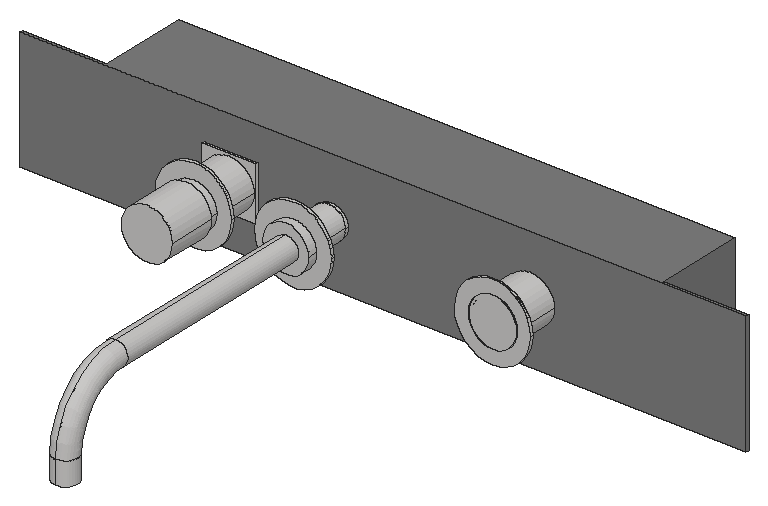
Revit family "CBR_4921", category Plumbing Fixtures, Revit 2021
Family settings
  Round Connector Dimension = Use Diameter
  Part Type = Normal
  Work Plane-Based = No
  Always vertical = Yes
  Cut with Voids When Loaded = No
  Shared = No
  Room Calculation Point = No
Parameters
  e-mail = "info@vola.com"
  URL = "http://vola.com"
  Telephone = "+45 7023 5500"
  Quality management standard = "ISO 9001"
  Organisation no. / DUNS no. = "17531328"
  Occupational health and safety management standard = "ISO 18001"
  Mounting Instructions = ""
  Model = "4921"
  Mixer Offset [instance] = 35.00 mm
  Mixer = yes
  Materials and components information = ""
  Manufacturer = "VOLA A/S"
  Maintenance Instructions = ""
  Guarantee = "2 years"
  Flow = "5,00 l/min"
  Environmental management standard = "ISO 14000"
  Default Elevation = 0.00 mm
  Connection - All relevant connections = "To valve box 3/8\" and to mixer ½\""
  Approvals = ""
Reference planes
  plane 1 "Center (Front/Back)": y = 0
  plane 2: z = 0
  plane 3 "Center (Left/Right)": x = 0
  plane 4 "Mixer plane": y = 35
  plane 5 "Wall Surface": y = 0
Forms (mm)
  Extrusion 1, solid, material "Stainless Steel"
    sketch origin (-13.2, 32.5, 0) x (0, 0, -1) y (1, 0, 0)
      loop
        circle (0, 13.2) r 13.2
    from 0 to 32.5
  Extrusion 2, solid, material "Stainless Steel"
    sketch origin (-100.868, 32.5, 21) x (-1, 0, 0) y (0, 0, -1)
      loop
        circle (-22.868, 21) r 19.5
    from 0 to 32.5
Dimensions and locks
  "Mixer Offset": plane 4 "Mixer plane" to plane 1 "Center (Front/Back)"
  aligned and locked: plane 2 to level
  aligned and locked: level to nested 1
  aligned and locked: nested 1 to plane 4 "Mixer plane"
  aligned and locked: nested 3 to plane 5 "Wall Surface"
  aligned and locked: plane 1 "Center (Front/Back)" to Extrusion 1
  aligned and locked: plane 1 "Center (Front/Back)" to Extrusion 2
Automatic sketch dimensions
  Extrusion 2 sketch curve to nested 1 = 21.00 mm  (x2)
  radius of Extrusion 1 sketch curve to nested 1 = 0.00 mm
  radius of Extrusion 2 sketch curve = 19.50 mm
Nested families
  nested 1: "4900" at (-39, 107, -65), visible <- "Mixer", type "4900"
  nested 2: "001" at (0, 0, 0) x (1, 0, 0) z (0, -1, 0), type "001"
  nested 3: "VR510" at (156, 0, 0), type "Standard"
  nested 4: "020" at (0, -2, 0), type "Standard"
  nested 5: "NR41" at (-78, -2, 0), type "NR41"
  nested 6: "3001" at (-78, 0, 0) x (1, 0, 0) z (0, -1, 0), type "3001"
  nested 7: "VR512" at (156, 0, 0), type "Standard"
Connectors
  piping at (-105, 78, -65), diameter 19
    settings: on nested 1, index 1, connector inside diameter 0.74803", connector length 0.00 mm, flow factor 0, pipe flow 0 GPM, pressure drop 0.00 psi, fitting loss kfactor 0, connector angle 0.00°, fixture units 0, engagement length 0.00 mm, angle of deflection 0.00°, flow configuration 0, flow direction 1, fitting loss method 0, system type 19, joint type 0, gender type 0, connector reference index -1, connector utility 0, adjustable connector no, is connector primary yes, connector description ""
  piping at (-51, 78, -65), diameter 19
    settings: on nested 1, index 2, connector inside diameter 0.74803", connector length 0.00 mm, flow factor 0, pipe flow 0 GPM, pressure drop 0.00 psi, fitting loss kfactor 0, connector angle 0.00°, fixture units 0, engagement length 0.00 mm, angle of deflection 0.00°, flow configuration 0, flow direction 1, fitting loss method 0, system type 20, joint type 0, gender type 0, connector reference index -1, connector utility 0, adjustable connector no, is connector primary no, connector description ""
Definition of nested family "4900"
  Parameters
    e-mail = "info@vola.com"
    URL = "http://vola.com"
    Telephone = "+45 7023 5500"
    Quality management standard = "ISO 9001"
    Organisation no. / DUNS no. = "17531328"
    Occupational health and safety management standard = "ISO 18001"
    Mounting Instructions = ""
    Model = "5100"
    Materials and components information = ""
    Manufacturer = "VOLA A/S"
    Maintenance Instructions = ""
    Guarantee = "2 years"
    Flow = "43,00 l/min"
    Environmental management standard = "ISO 14000"
    Default Elevation = 0.00 mm
    Connection - All relevant connections = ""
    Approvals = "http://vola.com/service/producturl.ashx?name=5100"
  Reference planes
    plane 1 "Center (Front/Back)": y = 0
    plane 2: z = 0
    plane 3 "Center (Left/Right)": x = 0
    plane 4 "Inlet Center Plane": y = -29
    plane 5: z = 65
  Forms (mm)
    Extrusion 1, solid
      sketch origin (10, 0, -4) x (1, 0, 0) y (0, 1, 0)
        loop
          line (-148, 0) -> (-148, -70) -> (288, -70) -> (288, 0) -> (-148, 0)
      from 21.5 to 116.5
    Extrusion 2, solid
      sketch origin (10, -2, -4) x (1, 0, 0) y (0, 1, 0)
        loop
          line (-214.5, -68) -> (-214.5, -70) -> (354.5, -70) -> (354.5, -68) -> (-214.5, -68)
      from 21.5 to 116.5
    Extrusion 3, solid
      sketch origin (-54, -4, 17.5) x (0, 1, 0) y (1, 0, 0)
        loop
          circle (-25, -12) r 9.5
      from 0 to 17.5
    Extrusion 4, solid
      sketch origin (0, -4, 17.5) x (0, 1, 0) y (1, 0, 0)
        loop
          circle (-25, -12) r 9.5
      from 0 to 17.5
    Extrusion 5, solid
      sketch origin (-51.5, -72, -4) x (-1, 0, 0) y (0, 0, -1)
        loop
          line (8.5, -90) -> (8.5, -48) -> (-33.5, -48) -> (-33.5, -90) -> (8.5, -90)
      from 0 to 2.5
    Extrusion 6, solid
      sketch origin (26.5, -72, -4) x (-1, 0, 0) y (0, 0, -1)
        loop
          circle (-12.5, -69) r 13.2
      from 0 to 2.5
    Extrusion 7, solid
      sketch origin (143.5, -72, -4) x (-1, 0, 0) y (0, 0, -1)
        loop
          circle (-51.5, -69) r 16
      from 0 to 2.5
  Cuts and joins
    joined: Extrusion 1, Extrusion 2
  Lines and regions (mm)
    reference lines
      curve 1: line (195, -29, 65) -> (195, -121.5, 65)
      curve 2: line (39, -29, 65) -> (39, -121.5, 65)
      curve 3: line (-39, -29, 65) -> (-39, -121.5, 65)
      curve 4: line (-66, -29, 65) -> (-66, -29, -34)
      curve 5: line (-12, -29, 65) -> (-12, -29, -34)
  Dimensions and locks
    aligned and locked: plane 2 to level
    aligned and locked: Extrusion 1 to Extrusion 2
    aligned and locked: Extrusion 2 to Extrusion 1
Definition of nested family "001"
  Parameters
    e-mail = "info@vola.com"
    URL = "http://vola.com"
    Telephone = "+45 7023 5500"
    Quality management standard = "ISO 9001"
    Organisation no. / DUNS no. = "17531328"
    Occupational health and safety management standard = "ISO 18001"
    Mounting Instructions = "http://vola.com/service/producturl.ashx?name=001"
    Model = "001"
    Materials and components information = "http://vola.com/service/producturl.ashx?name=001"
    Manufacturer = "VOLA A/S"
    Maintenance Instructions = "http://vola.com/service/producturl.ashx?name=001"
    Guarantee = "2 years"
    Environmental management standard = "ISO 14000"
    Default Elevation = 1219.20 mm
    Connection - All relevant connections = ""
    Approvals = "http://vola.com/service/producturl.ashx?name=001"
  Reference planes
    plane 1 "Center (Front/Back)": y = 0
    plane 2: z = 0
    plane 3 "Center (Left/Right)": x = 0
  Forms (mm)
    Extrusion 1, solid
      sketch origin (0, 0, 0) x (1, 0, 0) y (0, 1, 0)
        loop
          circle (0, 0) r 16.5
        loop
          circle (0, 0) r 30
      from 0 to 2
  Dimensions and locks
    aligned and locked: plane 2 to level
Definition of nested family "VR510"
  Parameters
    e-mail = "info@vola.com"
    URL = "http://vola.com"
    Telephone = "+45 7023 5500"
    Quality management standard = "ISO 9001"
    Organisation no. / DUNS no. = "17531328"
    Occupational health and safety management standard = "ISO 18001"
    Mounting Instructions = ""
    Model = "RS82E"
    Materials and components information = ""
    Manufacturer = "VOLA A/S"
    Maintenance Instructions = ""
    Guarantee = "2 years"
    Environmental management standard = "ISO 14000"
    Default Elevation = 0.00 mm
    Connection - All relevant connections = ""
    Approvals = "http://vola.com/service/producturl.ashx?name=RS82E"
  Reference planes
    plane 1 "Center (Front/Back)": y = 0
    plane 2: z = 0
    plane 3 "Center (Left/Right)": x = 0
  Forms (mm)
    Extrusion 1, solid
      sketch origin (0, 0, 0) x (-1, 0, 0) y (0, 0, -1)
        loop
          circle (0, 0) r 19
      from 0 to 1.5
  Lines and regions (mm)
    model lines
      curve 1: circle (0, -1.5, 0) r 1.5 normal (0, 1, 0)
      curve 2: circle (0, -1.5, 5) r 1.5 normal (0, 1, 0)
      curve 3: circle (0, -1.5, -5) r 1.5 normal (0, 1, 0)
  Dimensions and locks
    aligned and locked: plane 2 to level
Definition of nested family "020"
  Parameters
    e-mail = "info@vola.com"
    URL = "http://vola.com"
    Telephone = "+45 7023 5500"
    Quality management standard = "ISO 9001"
    Organisation no. / DUNS no. = "17531328"
    Occupational health and safety management standard = "ISO 18001"
    Mounting Instructions = "http://vola.com/service/producturl.ashx?name=020"
    Model = "020"
    Materials and components information = "http://vola.com/service/producturl.ashx?name=020"
    Manufacturer = "VOLA A/S"
    Maintenance Instructions = "http://vola.com/service/producturl.ashx?name=020"
    Guarantee = "2 years"
    Environmental management standard = "ISO 14000"
    Default Elevation = 0.00 mm
    Connection - All relevant connections = ""
    Approvals = "http://vola.com/service/producturl.ashx?name=020"
  Reference planes
    plane 1 "Center (Front/Back)": y = 0
    plane 2: z = 0
    plane 3 "Center (Left/Right)": x = 0
  Forms (mm)
    Extrusion 1, solid
      sketch origin (0, 0, 0) x (1, 0, 0) y (0, 0, 1)
        loop
          circle (0, 0) r 18
      from 0 to 7
    Sweep 2, solid
      path origin (0, 0, 0) x (0, 1, 0) y (0, 0, 1)
        loop
          line (-7, 0) -> (-174, 0)
          arc (-174, 0) -> (-208.648, -14.352) -> (-223, -49) r 49
      profile origin (0, -208.648, -14.352) x (0, 0.707107, -0.707107) y (1, 0, 0)
        loop
          circle (0, 0) r 9.5
    Extrusion 3, solid
      sketch origin (0, -223, -49) x (0, -1, 0) y (-1, 0, 0)
        loop
          circle (0, 0) r 9.5
      from 0 to 18
  Dimensions and locks
    Sweep 2 sketch curve to plane 1 "Center (Front/Back)" = 223.00 mm
    aligned and locked: plane 2 to level
Definition of nested family "NR41"
  Parameters
    e-mail = "info@vola.com"
    URL = "http://vola.com"
    Telephone = "+45 7023 5500"
    Quality management standard = "ISO 9001"
    Organisation no. / DUNS no. = "17531328"
    Occupational health and safety management standard = "ISO 18001"
    Mounting Instructions = "http://vola.com/service/producturl.ashx?name=NR41"
    Model = "NR41"
    Materials and components information = "http://vola.com/service/producturl.ashx?name=NR41"
    Manufacturer = "VOLA A/S"
    Maintenance Instructions = "http://vola.com/service/producturl.ashx?name=NR41"
    Guarantee = "2 years"
    Environmental management standard = "ISO 14000"
    Default Elevation = 0.00 mm
    Connection - All relevant connections = ""
    Approvals = "http://vola.com/service/producturl.ashx?name=NR41"
  Reference planes
    plane 1 "Center (Front/Back)": y = 0
    plane 2: z = 0
    plane 3 "Center (Left/Right)": x = 0
  Forms (mm)
    Extrusion 1, solid
      sketch origin (0, -3, 0) x (1, 0, 0) y (0, 0, 1)
        loop
          circle (0, 0) r 20
      from 5 to 42.5
    Extrusion 2, solid
      sketch origin (0, 0, 0) x (1, 0, 0) y (0, 0, 1)
        loop
          circle (0, 0) r 18
      from 0 to 8
  Lines and regions (mm)
    model lines
      curve 1: line (-1.25, -45.5, 0) -> (1.25, -45.5, 0)
      curve 2: line (1.25, -45.5, 0) -> (1.25, -45.5, 18)
      curve 3: line (1.25, -45.5, 18) -> (-1.25, -45.5, 18)
      curve 4: line (-1.25, -45.5, 18) -> (-1.25, -45.5, 0)
  Dimensions and locks
    aligned and locked: plane 2 to level
    aligned and locked: Extrusion 1 to Extrusion 2
Definition of nested family "3001"
  Parameters
    e-mail = "info@vola.com"
    URL = "http://vola.com"
    Telephone = "+45 7023 5500"
    Quality management standard = "ISO 9001"
    Organisation no. / DUNS no. = "17531328"
    Occupational health and safety management standard = "ISO 18001"
    Mounting Instructions = "http://vola.com/service/producturl.ashx?name=3001"
    Model = "3001"
    Materials and components information = "http://vola.com/service/producturl.ashx?name=3001"
    Manufacturer = "VOLA A/S"
    Maintenance Instructions = "http://vola.com/service/producturl.ashx?name=3001"
    Guarantee = "2 years"
    Environmental management standard = "ISO 14000"
    Default Elevation = 1219.20 mm
    Connection - All relevant connections = ""
    Approvals = "http://vola.com/service/producturl.ashx?name=3001"
  Reference planes
    plane 1 "Center (Front/Back)": y = 0
    plane 2: z = 0
    plane 3 "Center (Left/Right)": x = 0
  Forms (mm)
    Extrusion 1, solid
      sketch origin (0, 0, 0) x (1, 0, 0) y (0, 1, 0)
        loop
          circle (0, 0) r 18
        loop
          circle (0, 0) r 30
      from 0 to 2
  Dimensions and locks
    aligned and locked: plane 2 to level
Definition of nested family "VR512"
  Parameters
    e-mail = "info@vola.com"
    URL = "http://vola.com"
    Telephone = "+45 7023 5500"
    Quality management standard = "ISO 9001"
    Organisation no. / DUNS no. = "17531328"
    Occupational health and safety management standard = "ISO 18001"
    Mounting Instructions = ""
    Model = "RS82E"
    Materials and components information = ""
    Manufacturer = "VOLA A/S"
    Maintenance Instructions = ""
    Guarantee = "2 years"
    Environmental management standard = "ISO 14000"
    Default Elevation = 0.00 mm
    Connection - All relevant connections = ""
    Approvals = "http://vola.com/service/producturl.ashx?name=RS82E"
  Reference planes
    plane 1 "Center (Front/Back)": y = 0
    plane 2: z = 0
    plane 3 "Center (Left/Right)": x = 0
  Forms (mm)
    Extrusion 1, solid
      sketch origin (0, 0, 0) x (-1, 0, 0) y (0, 0, -1)
        loop
          circle (0, 0) r 30
        loop
          circle (0, 0) r 19
      from 0 to 1.5
    Extrusion 2, solid
      sketch origin (78, 16.799, 0) x (1, 0, 0) y (0, 0, 1)
        loop
          circle (-78, 0) r 19
        loop
          circle (-78, 0) r 17
      from -18.201 to 16.799
    Extrusion 3, solid
      sketch origin (0, 0, 0) x (1, 0, 0) y (0, 0, 1)
        loop
          circle (0, 0) r 17
        loop
          circle (0, 0) r 15
      from -35 to -2.174
  Dimensions and locks
    aligned and locked: plane 2 to level
